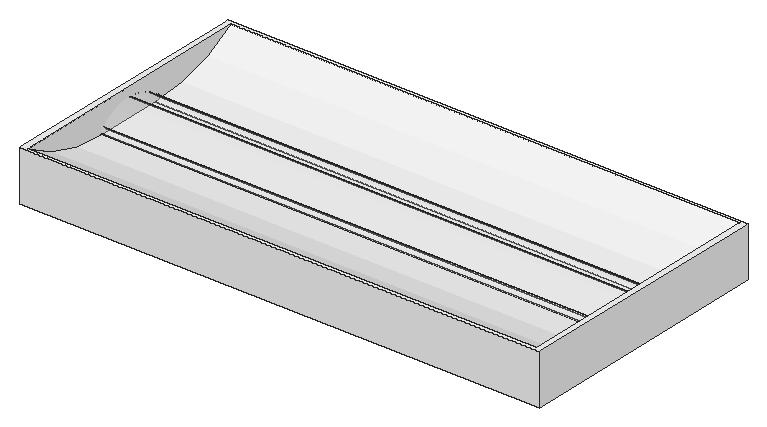
Revit family "LSTE-G", category Lighting Fixtures, host Face, Revit 2021
Family settings
  Host = Face
  Round Connector Dimension = Use Diameter
  Part Type = Normal
  OmniClass Number = 23.80.70.11
  OmniClass Title = Luminaries for Internal Lighting
  Cut with Voids When Loaded = No
  Light Source = Yes
  Shared = No
  Room Calculation Point = No
Parameters (values of type "LSTE24-50XLG-MPO-EDU")
  zz Length = Row Length - 1.000"  # 47.000"
  Width = 24.000"
  Product Page URL = ""
  Product Documentation Link = ""
  Nominal Watts = 88 W
  Wattage = 88 W
  Warranty = "Five year warranty"  # constant formula
  built-in parameter 1150110 = 1 (stored number, unit not read)
  Voltage = 120 V
  built-in parameter 1114217 = 1 (stored number, unit not read)
  Tilt Angle = 90.00°  # constant formula
  built-in parameter 1150109 = 1 (stored number, unit not read)
  built-in parameter 1150134 = 2
  Wattage Comments = "24-88 W"  # constant formula
  URL = "https://www.currentlighting.com/columbia"
  built-in parameter 1150113 = 1 (stored number, unit not read)
  Photometric Web File = "LSTE24-50XLG-MPO-EDU.ies"
  Model = "LSTE24-G"
  Manufacturer = "Columbia Lighting"  # constant formula
  Row Length = 48.000"
  built-in parameter 1150105 = 3508.6 (stored number, unit not read)
  Lumens = 13071.7 lm
  built-in parameter 1150115 = 1 (stored number, unit not read)
  Lumen Output = "Extra High Lumen"
  Load Classification = Lighting
  built-in parameter 1150137 = (empty or 0)
  built-in parameter 1150139 = (empty or 0)
  built-in parameter 1150112 = 1 (stored number, unit not read)
  built-in parameter 1150114 = 1 (stored number, unit not read)
  Lamp = "LED Lamp"  # constant formula
  Light Bulb = White Glass
  built-in parameter 1150132 = (empty or 0)
  built-in parameter 1150102 = (empty or 0)
  built-in parameter 1150107 = 5000 (stored number, unit not read)
  built-in parameter 1150138 = (empty or 0)
  built-in parameter 1150106 = 35.086 (stored number, unit not read)
  Emit from Rectangle Width = 23.000"
  Emit from Rectangle Length = 47.000"
  Emit Shape Visible in Rendering = no
  built-in parameter 1150104 = 13.8 (stored number, unit not read)
  Dimming Lamp Color Temperature Shift = <None>
  Description = "Stratus® LED Architectural Recessed"  # constant formula
  Default Elevation = 48.000"
  Color Filter = 16777215
  Certifications = "NYC Compliant"  # constant formula
  built-in parameter 1114218 = 1 (stored number, unit not read)
  Backbox = White
  built-in parameter 1150133 = 10 (stored number, unit not read)
  Apparent Load = 0 VA
Types (9): name | zz Length | Nominal Watts | Wattage | built-in parameter 1150134 | Photometric Web File | Model | Row Length | built-in parameter 1150105 | Lumens | Lumen Output | built-in parameter 1150107 | built-in parameter 1150106 | Emit from Rectangle Length
  (no name) | 47.000" | 88 W | 88 W | 2 | "LSTE24-50XLG-MPO-EDU.ies" | "LSTE24-G" | 48.000" | 3508.6 (stored number, unit not read) | 13071.7 lm | "Extra High Lumen" | 5000 (stored number, unit not read) | 35.086 (stored number, unit not read) | 47.000"
  LSTE24-35XWG-MPO-EDU | 47.000" | 24 W | 24 W | (empty or 0) | "LSTE24-35XWG-MPO-EDU.ies" | "LSTE24-G" | 48.000" | 283.69 (stored number, unit not read) | 3565.01 lm | "Extra Low Watt" | 3500 (stored number, unit not read) | 2.8369 (stored number, unit not read) | 47.000"
  LSTE24-50XLG-MPO-EDU | 47.000" | 88 W | 88 W | 2 | "LSTE24-50XLG-MPO-EDU.ies" | "LSTE24-G" | 48.000" | 3508.6 (stored number, unit not read) | 13071.7 lm | "Extra High Lumen" | 5000 (stored number, unit not read) | 35.086 (stored number, unit not read) | 47.000"
  LSTE24-40LWG-MPO-EDU | 47.000" | 43 W | 43 W | 12 | "LSTE24-40LWG-MPO-EDU.ies" | "LSTE24-G" | 48.000" | 508.29 (stored number, unit not read) | 6387.3 lm | "Low Watt" | 4000 (stored number, unit not read) | 5.0829 (stored number, unit not read) | 47.000"
  LSTE24-30MWG-MPO-EDU | 47.000" | 37 W | 37 W | (empty or 0) | "LSTE24-30MWG-MPO-EDU.ies" | "LSTE24-G" | 48.000" | 437.36 (stored number, unit not read) | 5496.05 lm | "Medium Low Watt" | 3000 (stored number, unit not read) | 4.3736 (stored number, unit not read) | 47.000"
  LSTE22-50VLG-MPO-EDU | 23.000" | 52 W | 52 W | 2 | "LSTE22-50VLG-MPO-EDU.ies" | "LSTE22-G" | 24.000" | 614.67 (stored number, unit not read) | 7724.18 lm | "Very High Lumen" | 5000 (stored number, unit not read) | 6.1467 (stored number, unit not read) | 23.000"
  LSTE22-40MLG-MPO-EDU | 23.000" | 40 W | 40 W | 12 | "LSTE22-40MLG-MPO-EDU.ies" | "LSTE22-G" | 24.000" | 472.82 (stored number, unit not read) | 5941.68 lm | "Medium Lumen" | 4000 (stored number, unit not read) | 4.7282 (stored number, unit not read) | 23.000"
  LSTE22-35HLG-MPO-EDU | 23.000" | 42 W | 42 W | (empty or 0) | "LSTE22-35HLG-MPO-EDU.ies" | "LSTE22-G" | 24.000" | 496.46 (stored number, unit not read) | 6238.76 lm | "High Lumen" | 3500 (stored number, unit not read) | 4.9646 (stored number, unit not read) | 23.000"
  LSTE22-30LWG-MPO-EDU | 23.000" | 29 W | 29 W | (empty or 0) | "LSTE22-30LWG-MPO-EDU.ies" | "LSTE22-G" | 24.000" | 342.8 (stored number, unit not read) | 4307.72 lm | "Low Watt" | 3000 (stored number, unit not read) | 3.428 (stored number, unit not read) | 23.000"
Reference planes (in)
  plane 1 "Center (Front/Back)": y = 0.03999
  plane 2: z = 0
  plane 3 "Center (Left/Right)": x = 1.66944
  plane 4: x = -22.33056
  plane 5: x = 25.66944
  plane 6: z = -4.625
Forms (in)
  Extrusion 1, void
    sketch origin (0, 0, 0) x (1, 0, 0) y (0, 1, 0)
      loop
        line (-22.33056, 12.03999) -> (-22.33056, -11.96001) -> (25.66944, -11.96001) -> (25.66944, 12.03999) -> (-22.33056, 12.03999)
    from -4.625 to 0
Dimensions and locks (in)
  equal spacing: plane 5, plane 3 "Center (Left/Right)", plane 4
  level to plane 6 = 4.625"
  "Row Length": plane 5 to plane 4
  plane 6 to plane 2 = 4.625"
  aligned and locked: plane 2 to host face
  aligned and locked: level to host face
  aligned and locked: plane 3 "Center (Left/Right)" to nested 1
  aligned and locked: plane 1 "Center (Front/Back)" to nested 1
  aligned and locked: imposter light to plane 3 "Center (Left/Right)"
  aligned and locked: plane 1 "Center (Front/Back)" to imposter light
  aligned and locked: plane 2 to imposter light
  aligned and locked: Extrusion 1 sketch curve to nested 1  (x4)
  aligned and locked: plane 2 to Extrusion 1
  aligned and locked: Extrusion 1 to plane 6
Automatic sketch dimensions
  host sketch curve to host sketch curve = 96.000"  (x2)
Nested families (in)
  nested 1: "LSTE Fixture" at (1.66944, 0.03999, -4.625), Glass <- "Light Bulb", Finish <- "Backbox", Row Length <- "Row Length", Width <- "Width", type "LSTE Fixture"
    with Width 24.000", Row Length 48.000", Height 4.625", Glass White Glass, Finish White
Connectors (in)
  electrical at (1.66944, 0.03999, -4.625), driven by "Apparent Load", driven by "Voltage"
    settings: on nested 1, index 1, voltage 120 V, apparent load 0 VA, apparent load phase1 0 VA, apparent load phase2 0 VA, apparent load phase3 0 VA, power factor 0.9, load classification "Other", number of poles 1, system type 30, power factor state 1, is connector primary yes, connector utility no, sub classification motor no, connector description "Lighting Connector"
Definition of nested family "LSTE Fixture"
  Parameters
    Width [instance] = 24.000"
    Row Length [instance] = 24.000"
    Height [instance] = 4.000"
    Glass [instance] = none
    Finish [instance] = none
    Default Elevation = 48.000"
  Reference planes (in)
    plane 1 "Center (Front/Back)": y = 0
    plane 2: z = 0
    plane 3 "Center (Left/Right)": x = 0
    plane 4: x = 12
    plane 5: x = -12
    plane 6: y = -12
    plane 7: y = 12
    plane 8: z = 4
    plane 9: x = -11.5
    plane 10: x = 11.5
    plane 11: y = -3
    plane 12: y = 3
    plane 13: z = 2
    plane 14: y = -11.75
    plane 15: y = 11.75
    plane 16: z = 0.25
  Forms (in)
    Extrusion 1, solid
      sketch origin (0, 0, 0) x (1, 0, 0) y (0, 1, 0)
        loop
          line (-48, 48) -> (-48, -48) -> (48, -48) -> (48, 48) -> (-48, 48)
      from 0 to -12
    Extrusion 2, solid, material <- "Glass"
      sketch origin (0, 0, 0) x (0, 1, 0) y (0, 0, 1)
        loop
          arc (-3.0054, 2) -> (-3.2554, 2.25) -> (-3.0054, 2.5) r 0.25
          arc (-3.0054, 2.5) -> (-1.62233, 3.40315) -> (0, 3.71395) r 4.27102
          arc (0, 3.71395) -> (1.62233, 3.40315) -> (3.0054, 2.5) r 4.27102
          arc (3.0054, 2.5) -> (3.2554, 2.25) -> (3.0054, 2) r 0.25
          line (3.0054, 2) -> (3.0054, 1.89823)
          arc (3.0054, 1.89823) -> (3.35619, 2.24902) -> (3.0054, 2.59982) r 0.35079
          arc (3.0054, 2.59982) -> (1.6184, 3.48995) -> (0, 3.80122) r 4.35698
          arc (0, 3.80122) -> (-1.6184, 3.48995) -> (-3.0054, 2.59982) r 4.35698
          arc (-3.0054, 2.59982) -> (-3.35619, 2.24902) -> (-3.0054, 1.89823) r 0.35079
          line (-3.0054, 1.89823) -> (-3.0054, 2)
      from -11.5 to 11.5
    Extrusion 3, solid, material <- "Finish"
      sketch origin (0, 0, 0) x (0, 1, 0) y (0, 0, 1)
        loop
          line (-12, 4) -> (-12, 0) -> (12, 0) -> (12, 4) -> (-12, 4)
      from 11.5 to 12
    Extrusion 4, solid, material <- "Finish"
      sketch origin (0, 0, 0) x (0, 1, 0) y (0, 0, 1)
        loop
          line (12, 4) -> (-12, 4) -> (-12, 0) -> (12, 0) -> (12, 4)
      from -12 to -11.5
    Extrusion 5, solid, material <- "Finish"
      sketch origin (0, 0, 0) x (0, 1, 0) y (0, 0, 1)
        loop
          line (-12, 0) -> (12, 0) -> (12, 4) -> (11.75, 4) -> (11.75, 0.25) -> (-11.75, 0.25) -> (-11.75, 4) -> (-12, 4) -> (-12, 0)
      from -11.5 to 11.5
    Extrusion 6, solid, material <- "Finish"
      sketch origin (0, 0, 0) x (0, 1, 0) y (0, 0, 1)
        loop
          arc (-3, 2) -> (-7.48783, 2.50637) -> (-11.75, 4) r 20.14062
          line (-11.75, 4) -> (-11.75, 0.25) -> (11.75, 0.25) -> (11.75, 4)
          arc (11.75, 4) -> (7.48783, 2.50637) -> (3, 2) r 20.14062
          line (3, 2) -> (-3, 2)
      from -12 to 12
  Cuts and joins
    joined: Extrusion 3, Extrusion 4, Extrusion 5, Extrusion 6
  Dimensions and locks (in)
    equal spacing: plane 4, plane 3 "Center (Left/Right)", plane 5
    "Row Length": plane 4 to plane 5
    equal spacing: plane 6, plane 1 "Center (Front/Back)", plane 7
    "Width": plane 6 to plane 7
    "Height": plane 8 to plane 2
    equal spacing: plane 10, plane 3 "Center (Left/Right)", plane 9
    locked: plane 9 to plane 5 at 0.5
    equal spacing: plane 11, plane 1 "Center (Front/Back)", plane 12
    locked: plane 11 to plane 1 "Center (Front/Back)" at 3
    locked: plane 6 to plane 14 at 0.25
    equal spacing: plane 14, plane 1 "Center (Front/Back)", plane 15
    locked: plane 16 to level at 0.25
    level to Extrusion 5 = 4.000"
    aligned and locked: plane 2 to Extrusion 1
    aligned and locked: level to Extrusion 1
    aligned and locked: Extrusion 2 to plane 10
    aligned and locked: Extrusion 2 to plane 9
    aligned and locked: plane 8 to Extrusion 3 sketch curve
    aligned and locked: plane 6 to Extrusion 3 sketch curve
    aligned and locked: level to Extrusion 3 sketch curve
    aligned and locked: Extrusion 3 sketch curve to plane 7
    aligned and locked: plane 4 to Extrusion 3
    aligned and locked: plane 10 to Extrusion 3
    aligned and locked: Extrusion 4 sketch curve to Extrusion 3  (x4)
    aligned and locked: Extrusion 4 to plane 5
    aligned and locked: plane 9 to Extrusion 4
    aligned and locked: Extrusion 5 sketch curve to Extrusion 3  (x4)
    aligned and locked: plane 8 to Extrusion 5 sketch curve
    aligned and locked: Extrusion 5 sketch curve to plane 14
    aligned and locked: plane 16 to Extrusion 5 sketch curve
    aligned and locked: Extrusion 5 sketch curve to plane 15
    aligned and locked: Extrusion 5 to plane 10
    aligned and locked: Extrusion 5 to plane 9
    aligned and locked: plane 13 to Extrusion 6 sketch curve
    aligned and locked: plane 12 to Extrusion 6 sketch curve
    aligned and locked: plane 11 to Extrusion 6 sketch curve
    aligned and locked: Extrusion 6 sketch curve to plane 14
    aligned and locked: plane 16 to Extrusion 6 sketch curve
    aligned and locked: Extrusion 6 sketch curve to plane 15
    aligned and locked: plane 4 to Extrusion 6
    aligned and locked: Extrusion 6 to plane 5
  Automatic sketch dimensions
    Extrusion 1 sketch curve to Extrusion 1 sketch curve = 96.000"  (x2)
    plane 13 to Extrusion 2 sketch curve = 0.000"  (x2)
    Extrusion 2 sketch curve to plane 1 "Center (Front/Back)" = 0.000"  (x2)
    plane 1 "Center (Front/Back)" to Extrusion 2 sketch curve = 0.00113"
    Extrusion 2 sketch curve to Extrusion 2 sketch curve = 0.0216"  (x2)
    Extrusion 2 sketch curve to plane 11 = 0.0054"
    Extrusion 2 sketch curve to plane 1 "Center (Front/Back)" = 0.00113"
    Extrusion 2 sketch curve to plane 12 = 0.0054"
    plane 13 to Extrusion 2 sketch curve = 0.10177"  (x2)
    Extrusion 2 sketch curve to level = 0.55575"
    Extrusion 2 sketch curve to Extrusion 2 sketch curve = 0.000"
    Extrusion 2 sketch curve to Extrusion 2 sketch curve = 0.00126"  (x2)
    Extrusion 2 sketch curve to Extrusion 2 sketch curve = 0.24902"
    Extrusion 2 sketch curve to Extrusion 2 sketch curve = 0.00098"
    plane 8 to Extrusion 6 sketch curve = 0.000"  (x2)
